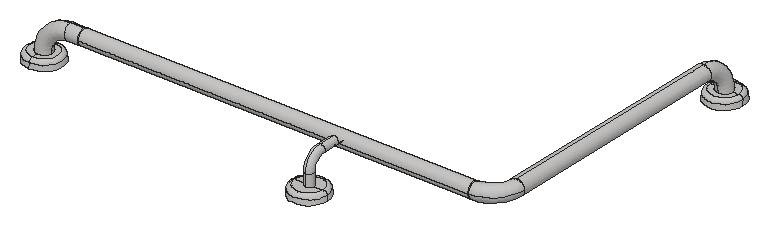
Revit family "8479465440 virtu comfort grab rail 960x600mm LH 90 vertical", category Plumbing Fixtures, host Face, Revit 2015
Parameters (values of type "Virtu Comfort Grab Rail 960x600mm LH 90° Vertical")
  Waste Connection = no
  Vent Connection = no
  URL = "https://www.caroma.com.au/"
  Rail_Height = 73 mm
  Model = "8479465440"
  Material_Base = GWA_Metal-Stainless
  Manufacturer = "GWA Bathrooms & Kitchens"  # constant formula
  HW Connection = no
  Description = "Virtu Comfort Grab Rail 960x600mm LH 90° Vertical"
  Default Elevation = 0 mm
  CreatedBy_ANZRS = "GWA Bathrooms & Kitchens"  # constant formula
  CW Connection = no
  Assembly Code = "C1030200"
Reference planes
  plane 1 "Center (Front/Back)": y = 0
  plane 2: z = 0
  plane 3 "Center (Left/Right)": x = 0
  plane 4 "Left": x = 0
  plane 5 "Rail_Centre": z = 73
  plane 6 "Top": y = 600
  plane 7: x = -335
  plane 8: x = -960
Forms (mm)
  Revolve 1, solid, material "GWA_Metal-Stainless" <- "Material_Base"
    sketch origin (0, 600, 0) x (1, 0, 0) y (0, 0, 1)
      loop
        line (17, 16.9) -> (29.753, 16.9)
        arc (29.753, 16.9) -> (34.704, 15) -> (37.112, 10.275) r 7.4
        line (37.112, 10.275) -> (38.194, 0) -> (39.3, 0) -> (38.206, 10.39)
        arc (38.206, 10.39) -> (35.44, 15.817) -> (29.753, 18) r 8.5
        line (29.753, 18) -> (17, 18) -> (17, 16.9)
      axis (0, 18) -> (0, 0)
    angle from 0 to 360
  Sweep 2, solid, material "GWA_Metal-Stainless" <- "Material_Base"
    path origin (0, -900, 0) x (0, -1, 0) y (0, 0, 1)
      loop
        line (-1500, 0) -> (-1500, 17)
        arc (-1500, 17) -> (-1483.598, 56.598) -> (-1444, 73) r 56
        line (-1444, 73) -> (-950, 73)
    profile origin (0, 600, 8.5) x (0, 1, 0) y (-1, 0, 0)
      loop
        circle (0, 0) r 16
  Revolve 3, solid, material "GWA_Metal-Stainless" <- "Material_Base"
    sketch origin (-300, -80, 0) x (-1, 0, 0) y (0, 0, -1)
      loop
        line (35, -16.9) -> (5.247, -16.9)
        arc (5.247, -16.9) -> (0.296, -15) -> (-2.112, -10.275) r 7.4
        line (-2.112, -10.275) -> (-3.194, 0) -> (-4.3, 0) -> (-3.206, -10.39)
        arc (-3.206, -10.39) -> (-0.44, -15.817) -> (5.247, -18) r 8.5
        line (5.247, -18) -> (35, -18) -> (35, -16.9)
      axis (35, -18) -> (35, 0)
    angle from 0 to 360
  Sweep 4, solid, material "GWA_Metal-Stainless" <- "Material_Base"
    path origin (-335, 0, 0) x (0, 1, 0) y (0, 0, 1)
      loop
        line (-80, 0) -> (-80, 43)
        arc (-80, 43) -> (-71.213, 64.213) -> (-50, 73) r 30
        line (-50, 73) -> (0, 73)
    profile origin (-335, -80, 21.5) x (0, 1, 0) y (-1, 0, 0)
      loop
        circle (0, 0) r 9
  Extrusion 5, solid, material "GWA_Metal-Stainless" <- "Material_Base"
    sketch origin (0, 0, 0) x (0, 1, 0) y (0, 0, -1)
      loop
        circle (0, -73) r 16
    from 50 to 876
  Sweep 6, solid, material "GWA_Metal-Stainless" <- "Material_Base"
    path origin (0, 0, 73) x (1, 0, 0) y (0, 1, 0)
      loop
        arc (0, 50) -> (-14.645, 14.645) -> (-50, 0) r 50
    profile origin (-14.645, 14.645, 73) x (0.707107, -0.707107, 0) y (0, 0, 1)
      loop
        circle (0, 0) r 16
  Revolve 7, solid, material "GWA_Metal-Stainless" <- "Material_Base"
    sketch origin (-960, 60, 0) x (0, 1, 0) y (0, 0, 1)
      loop
        line (-43, 16.9) -> (-30.247, 16.9)
        arc (-30.247, 16.9) -> (-25.296, 15) -> (-22.888, 10.275) r 7.4
        line (-22.888, 10.275) -> (-21.806, 0) -> (-20.7, 0) -> (-21.794, 10.39)
        arc (-21.794, 10.39) -> (-24.56, 15.817) -> (-30.247, 18) r 8.5
        line (-30.247, 18) -> (-43, 18) -> (-43, 16.9)
      axis (-60, 18) -> (-60, 0)
    angle from 0 to 360
  Sweep 8, solid, material "GWA_Metal-Stainless" <- "Material_Base"
    path origin (0, 0, 0) x (1, 0, 0) y (0, 0, 1)
      loop
        line (-960, 0) -> (-960, 17)
        arc (-960, 17) -> (-943.598, 56.598) -> (-904, 73) r 56
        line (-904, 73) -> (-876, 73)
    profile origin (-960, 0, 8.5) x (-1, 0, 0) y (0, -1, 0)
      loop
        circle (0, 0) r 16
Lines and regions (mm)
  Masking region 1
    outline origin (0, 0, 0) x (0, 1, 0) y (0, 0, 1)
      loop
        arc (0, 89) -> (-7.483, 87.142) -> (-13.229, 82) r 16
        line (-13.229, 82) -> (-50, 82)
        arc (-50, 82) -> (-77.577, 70.577) -> (-89, 43) r 39
        line (-89, 43) -> (-89, 18) -> (-109.755, 18)
        arc (-109.755, 18) -> (-115.442, 15.817) -> (-118.208, 10.388) r 8.5
        line (-118.208, 10.388) -> (-119.3, 0) -> (-40.7, 0) -> (-41.792, 10.388)
        arc (-41.792, 10.388) -> (-44.558, 15.817) -> (-50.245, 18) r 8.5
        line (-50.245, 18) -> (-71, 18) -> (-71, 43)
        arc (-71, 43) -> (-64.849, 57.849) -> (-50, 64) r 21
        line (-50, 64) -> (-16, 64) -> (-16, 18) -> (-29.755, 18)
        arc (-29.755, 18) -> (-35.442, 15.817) -> (-38.208, 10.388) r 8.5
        line (-38.208, 10.388) -> (-39.3, 0) -> (39.3, 0) -> (38.208, 10.388)
        arc (38.208, 10.388) -> (35.442, 15.817) -> (29.755, 18) r 8.5
        line (29.755, 18) -> (16, 18) -> (16, 57) -> (544, 57)
        arc (544, 57) -> (571.928, 45.636) -> (583.987, 18) r 40
        line (583.987, 18) -> (570.245, 18)
        arc (570.245, 18) -> (564.558, 15.817) -> (561.792, 10.388) r 8.5
        line (561.792, 10.388) -> (560.7, 0) -> (639.3, 0) -> (638.208, 10.388)
        arc (638.208, 10.388) -> (635.442, 15.817) -> (629.755, 18) r 8.5
        line (629.755, 18) -> (615.993, 18)
        arc (615.993, 18) -> (594.557, 68.264) -> (544, 89) r 72
        line (544, 89) -> (0, 89)
  Masking region 2
    outline origin (0, 0, 73) x (1, 0, 0) y (0, 1, 0)
      loop
        line (-16, 564.104) -> (-16, 50)
        arc (-16, 50) -> (-25.958, 25.958) -> (-50, 16) r 34
        line (-50, 16) -> (-924.104, 16)
        arc (-924.104, 16) -> (-968.179, 38.439) -> (-999.3, 0) r 39.3
        arc (-999.3, 0) -> (-968.179, -38.439) -> (-924.104, -16) r 39.3
        line (-924.104, -16) -> (-344, -16) -> (-344, -41.744)
        arc (-344, -41.744) -> (-335, -119.3) -> (-326, -41.744) r 39.3
        line (-326, -41.744) -> (-326, -16) -> (-50, -16)
        arc (-50, -16) -> (-3.331, 3.331) -> (16, 50) r 66
        line (16, 50) -> (16, 564.104)
        arc (16, 564.104) -> (0, 639.3) -> (-16, 564.104) r 39.3
  Masking region 3
    outline origin (0, 0, 0) x (-1, 0, 0) y (0, 0, 1)
      loop
        line (16, 57) -> (326, 57) -> (326, 18) -> (305.245, 18)
        arc (305.245, 18) -> (299.558, 15.817) -> (296.792, 10.388) r 8.5
        line (296.792, 10.388) -> (295.7, 0) -> (374.3, 0) -> (373.208, 10.388)
        arc (373.208, 10.388) -> (370.442, 15.817) -> (364.755, 18) r 8.5
        line (364.755, 18) -> (344, 18) -> (344, 57) -> (904, 57)
        arc (904, 57) -> (931.928, 45.636) -> (943.987, 18) r 40
        line (943.987, 18) -> (930.245, 18)
        arc (930.245, 18) -> (924.558, 15.817) -> (921.792, 10.388) r 8.5
        line (921.792, 10.388) -> (920.7, 0) -> (999.3, 0) -> (998.208, 10.388)
        arc (998.208, 10.388) -> (995.442, 15.817) -> (989.755, 18) r 8.5
        line (989.755, 18) -> (975.993, 18)
        arc (975.993, 18) -> (954.557, 68.264) -> (904, 89) r 72
        line (904, 89) -> (0, 89)
        arc (0, 89) -> (-11.314, 84.314) -> (-16, 73) r 16
        line (-16, 73) -> (-16, 18) -> (-29.755, 18)
        arc (-29.755, 18) -> (-35.442, 15.817) -> (-38.208, 10.388) r 8.5
        line (-38.208, 10.388) -> (-39.3, 0) -> (39.3, 0) -> (38.208, 10.388)
        arc (38.208, 10.388) -> (35.442, 15.817) -> (29.755, 18) r 8.5
        line (29.755, 18) -> (16, 18) -> (16, 57)
  symbolic lines
    curve 1: arc (0, 617, 40) -> (13.92, 609.758, 40) -> (15.981, 594.203, 40) r 17
    curve 2: arc (-15.981, 594.203, 40) -> (-13.92, 609.758, 40) -> (0, 617, 40) r 17
    curve 3: arc (-16, 600, 40) -> (0, 616, 40) -> (16, 600, 40) r 16
    curve 4: arc (15.981, 594.203, 40) -> (0, 617, 40) -> (-15.981, 594.203, 40) r 17
    curve 5: line (16, 600, 40) -> (16, 564.104, 40)
    curve 6: line (-16, 600, 40) -> (-16, 564.104, 40)
    curve 7: line (0, 584.007, 18) -> (0, 616.013, 18)
    curve 8: line (-15.993, 0, 18) -> (16.013, 0, 18)
    curve 9: line (-16, 600, 73) -> (-16, 564.104, 73)
    curve 10: line (16, 600, 73) -> (16, 564.104, 73)
    curve 11: line (0, -71, 18) -> (0, -89, 18)
    curve 12: line (0, 35.896, 89) -> (0, 0, 89)
    curve 13: arc (0, 0, 89) -> (0, -16, 73) -> (0, 0, 57) r 16
    curve 14: line (0, 0, 57) -> (0, 35.896, 57)
    curve 15: line (0, -38.256, 82) -> (0, -13.229, 82)
    curve 16: line (0, -38.256, 64) -> (0, -13.229, 64)
    curve 17: line (-326, -41.744, 73) -> (-326, -80, 73)
    curve 18: arc (-326, -80, 73) -> (-335, -89, 73) -> (-344, -80, 73) r 9
    curve 19: line (-344, -80, 73) -> (-344, -41.744, 73)
    curve 20: line (-326, -16, 73) -> (-344, -16, 73)
    curve 21: line (-318.987, 0, 18) -> (-350.993, 0, 18)
    curve 22: line (-344, 0, 57) -> (-326, 0, 57)
    curve 23: line (-16, 0, 57) -> (-16, 0, 73)
    curve 24: arc (-16, 0, 73) -> (-11.314, 0, 84.314) -> (0, 0, 89) r 16
    curve 25: arc (-977, 0, 40) -> (-969.781, 13.904, 40) -> (-954.255, 16, 40) r 17
    curve 26: arc (-954.255, -16, 40) -> (-969.781, -13.904, 40) -> (-977, 0, 40) r 17
    curve 27: arc (-960, -16, 40) -> (-976, 0, 40) -> (-960, 16, 40) r 16
    curve 28: arc (-954.255, 16, 40) -> (-977, 0, 40) -> (-954.255, -16, 40) r 17
    curve 29: line (-924.104, 16, 73) -> (-960, 16, 73)
    curve 30: line (-924.104, -16, 73) -> (-960, -16, 73)
    curve 31: line (0, -16, 18) -> (0, 16, 18)
    curve 32: line (-943.987, 0, 18) -> (-975.993, 0, 18)
Dimensions and locks
  "Rail_Height": plane 5 "Rail_Centre" to host face
  aligned and locked: plane 2 to host face
  aligned and locked: level to host face
Automatic sketch dimensions
  host sketch curve to host sketch curve = 2438.4 mm  (x2)
  Revolve 1 sketch curve to Revolve 1 sketch curve = 0 mm  (x2)
  Revolve 1 sketch curve to plane 3 "Center (Left/Right)" = 0 mm
  Revolve 1 sketch curve to level = 0 mm
  plane 3 "Center (Left/Right)" to Revolve 1 sketch curve = 17 mm
  Revolve 1 sketch curve to Revolve 1 sketch curve = 12.753 mm
  level to Revolve 1 sketch curve = 10.275 mm
  Revolve 1 sketch curve to Revolve 1 sketch curve = 7.359 mm
  Revolve 1 sketch curve to Revolve 1 sketch curve = 1.082 mm
  level to Revolve 1 sketch curve = 10.39 mm
  Revolve 1 sketch curve to Revolve 1 sketch curve = 1.094 mm
  Revolve 1 sketch curve to Revolve 1 sketch curve = 1.106 mm
  Revolve 1 sketch curve to Revolve 1 sketch curve = 0.775 mm
  level to Revolve 1 sketch curve = 7.862 mm
  Revolve 1 sketch curve to Revolve 1 sketch curve = 12.173 mm
  Sweep 2 sketch curve to plane 6 "Top" = 0 mm
  Sweep 2 sketch curve to plane 5 "Rail_Centre" = 0 mm
  Sweep 2 sketch curve to level = 0 mm
  level to Sweep 2 sketch curve = 17 mm
  Sweep 2 sketch curve to plane 1 "Center (Front/Back)" = 50 mm
  profile plane to Sweep 2 sketch curve = 0 mm
  Sweep 2 sketch curve to profile plane = 0 mm
  Revolve 3 sketch curve to Revolve 3 sketch curve = 0 mm  (x2)
  Revolve 3 sketch curve to level = 0 mm
  plane 7 to Revolve 3 sketch curve = 0 mm  (x2)
  level to Revolve 3 sketch curve = 9.5 mm
  Revolve 3 sketch curve to plane 7 = 29.753 mm
  level to Revolve 3 sketch curve = 10.275 mm
  Revolve 3 sketch curve to Revolve 3 sketch curve = 7.359 mm
  Revolve 3 sketch curve to Revolve 3 sketch curve = 1.082 mm
  level to Revolve 3 sketch curve = 10.39 mm
  Revolve 3 sketch curve to Revolve 3 sketch curve = 1.094 mm
  Revolve 3 sketch curve to Revolve 3 sketch curve = 1.106 mm
  Revolve 3 sketch curve to Revolve 3 sketch curve = 2.036 mm
  level to Revolve 3 sketch curve = 7.862 mm
  Sweep 4 sketch curve to level = 0 mm
  Sweep 4 sketch curve to plane 5 "Rail_Centre" = 0 mm
  Sweep 4 sketch curve to plane 1 "Center (Front/Back)" = 0 mm
  Sweep 4 sketch curve to Sweep 4 sketch curve = 50 mm
  Sweep 4 sketch curve to Sweep 4 sketch curve = 30 mm
  Sweep 4 sketch curve to plane 7 = 0 mm
  profile plane to Sweep 4 sketch curve = 0 mm
  Masking region 2 sketch curve to Masking region 2 sketch curve = 0 mm  (x3)
  Masking region 2 sketch curve to plane 7 = 0 mm
  Masking region 2 sketch curve to plane 3 "Center (Left/Right)" = 0 mm
  Masking region 2 sketch curve to plane 6 "Top" = 0 mm
  plane 7 to Masking region 2 sketch curve = 9 mm
  Masking region 2 sketch curve to plane 7 = 9 mm
  Masking region 2 sketch curve to plane 3 "Center (Left/Right)" = 16 mm
  plane 3 "Center (Left/Right)" to Masking region 2 sketch curve = 16 mm
  Masking region 2 sketch curve to plane 6 "Top" = 35.896 mm
  Masking region 2 sketch curve to plane 1 "Center (Front/Back)" = 50 mm
  plane 1 "Center (Front/Back)" to Masking region 2 sketch curve = 16 mm
  Masking region 2 sketch curve to Masking region 2 sketch curve = 25.744 mm
  Masking region 2 sketch curve to Masking region 2 sketch curve = 38.256 mm
  Extrusion 5 sketch curve to plane 1 "Center (Front/Back)" = 0 mm
  Extrusion 5 sketch curve to plane 5 "Rail_Centre" = 0 mm
  plane 1 "Center (Front/Back)" to Sweep 6 sketch curve = 0 mm
  Sweep 6 sketch curve to plane 3 "Center (Left/Right)" = 0 mm
  Sweep 6 sketch curve to Sweep 6 sketch curve = 50 mm
  Sweep 6 sketch curve to profile plane = 0 mm  (x2)
  Masking region 2 sketch curve to plane 8 = 35.896 mm  (x2)
  plane 1 "Center (Front/Back)" to Masking region 2 sketch curve = 0 mm
  Masking region 2 sketch curve to plane 8 = 0 mm
  plane 8 to Sweep 8 sketch curve = 0 mm
  Sweep 8 sketch curve to plane 5 "Rail_Centre" = 0 mm
  Sweep 8 sketch curve to level = 0 mm
  level to Sweep 8 sketch curve = 17 mm
  Sweep 8 sketch curve to Sweep 8 sketch curve = 28 mm
  plane 1 "Center (Front/Back)" to Sweep 8 sketch curve = 0 mm
  Sweep 8 sketch curve to profile plane = 0 mm
  curve 1 to curve 2 = 0 mm  (x2)
  curve 1 to curve 3 = 0 mm  (x2)
  curve 1 to curve 4 = 0 mm  (x2)
  curve 2 to curve 3 = 0 mm  (x2)
  curve 2 to curve 4 = 0 mm  (x2)
  curve 3 to curve 4 = 0 mm  (x2)
  curve 25 to curve 26 = 0 mm  (x2)
  curve 25 to curve 27 = 0 mm  (x2)
  curve 25 to curve 28 = 0 mm  (x3)
  curve 26 to curve 27 = 0 mm  (x2)
  curve 26 to curve 28 = 0 mm  (x2)
  curve 27 to curve 28 = 0 mm  (x3)
  curve 3 to plane 6 "Top" = 0 mm
  curve 3 to plane 3 "Center (Left/Right)" = 0 mm
  plane 1 "Center (Front/Back)" to curve 26 = 0 mm
  curve 26 to plane 8 = 0 mm
  plane 3 "Center (Left/Right)" to curve 5 = 16 mm
  curve 5 to curve 1 = 0.019 mm
  curve 2 to curve 3 = 0.019 mm
  curve 28 to curve 27 = 5.745 mm
  curve 26 to plane 8 = 5.745 mm
  curve 28 to curve 26 = 0 mm
  plane 8 to curve 25 = 17 mm
  plane 6 "Top" to curve 2 = 17 mm
  curve 2 to curve 6 = 30.098 mm
  curve 1 to curve 5 = 30.098 mm
  curve 28 to curve 25 = 0 mm
  Revolve 7 sketch curve to Revolve 7 sketch curve = 0 mm  (x2)
  Revolve 7 sketch curve to plane 1 "Center (Front/Back)" = 0 mm
  Revolve 7 sketch curve to level = 0 mm
  Revolve 7 sketch curve to plane 1 "Center (Front/Back)" = 17 mm
  Revolve 7 sketch curve to Revolve 7 sketch curve = 12.753 mm
  level to Revolve 7 sketch curve = 10.275 mm
  Revolve 7 sketch curve to Revolve 7 sketch curve = 7.359 mm
  Revolve 7 sketch curve to Revolve 7 sketch curve = 1.082 mm
  level to Revolve 7 sketch curve = 10.39 mm
  Revolve 7 sketch curve to Revolve 7 sketch curve = 1.094 mm
  Revolve 7 sketch curve to Revolve 7 sketch curve = 1.106 mm
  Revolve 7 sketch curve to Revolve 7 sketch curve = 0.775 mm
  level to Revolve 7 sketch curve = 7.862 mm
  Revolve 7 sketch curve to Revolve 7 sketch curve = 12.173 mm
  curve 10 to plane 6 "Top" = 0 mm
  curve 9 to plane 6 "Top" = 0 mm
  curve 18 to plane 7 = 0 mm
  curve 30 to plane 8 = 0 mm
  curve 29 to plane 8 = 0 mm
  curve 17 to curve 18 = 9 mm
  plane 1 "Center (Front/Back)" to curve 18 = 80 mm
  curve 20 to plane 7 = 9 mm
  curve 9 to plane 3 "Center (Left/Right)" = 16 mm
  plane 3 "Center (Left/Right)" to curve 10 = 16 mm
  plane 7 to curve 20 = 9 mm
  plane 1 "Center (Front/Back)" to curve 30 = 16 mm
  curve 30 to curve 30 = 35.896 mm
  curve 29 to curve 30 = 0 mm
  curve 10 to curve 10 = 35.896 mm
  curve 9 to curve 10 = 0 mm
  curve 29 to plane 1 "Center (Front/Back)" = 16 mm
  plane 1 "Center (Front/Back)" to curve 20 = 16 mm
  curve 20 to curve 17 = 25.744 mm
  curve 19 to curve 17 = 0 mm
  Masking region 1 sketch curve to Masking region 1 sketch curve = 0 mm  (x4)
  Masking region 1 sketch curve to level = 0 mm  (x3)
  Masking region 1 sketch curve to plane 5 "Rail_Centre" = 0 mm
  plane 1 "Center (Front/Back)" to Masking region 1 sketch curve = 16 mm
  Masking region 1 sketch curve to Masking region 1 sketch curve = 13.755 mm  (x2)
  level to Masking region 1 sketch curve = 10.388 mm  (x6)
  Masking region 1 sketch curve to Masking region 1 sketch curve = 8.453 mm  (x6)
  Masking region 1 sketch curve to Masking region 1 sketch curve = 1.092 mm  (x5)
  Masking region 1 sketch curve to Masking region 1 sketch curve = 1.4 mm
  Masking region 1 sketch curve to Masking region 1 sketch curve = 3.584 mm
  Masking region 1 sketch curve to Masking region 1 sketch curve = 20.245 mm
  Masking region 1 sketch curve to Masking region 1 sketch curve = 20.755 mm  (x2)
  Masking region 1 sketch curve to Masking region 1 sketch curve = 18 mm
  Masking region 1 sketch curve to plane 1 "Center (Front/Back)" = 16 mm
  plane 5 "Rail_Centre" to Masking region 1 sketch curve = 16 mm
  Masking region 1 sketch curve to Masking region 1 sketch curve = 16.7 mm
  Masking region 1 sketch curve to Masking region 1 sketch curve = 13.742 mm
  plane 6 "Top" to Masking region 1 sketch curve = 15.993 mm
  level to Masking region 1 sketch curve = 9.5 mm
  Masking region 1 sketch curve to Masking region 1 sketch curve = 13.762 mm
  Masking region 1 sketch curve to Masking region 1 sketch curve = 0.888 mm  (x5)
  Masking region 1 sketch curve to Masking region 1 sketch curve = 25 mm  (x2)
  Masking region 1 sketch curve to plane 1 "Center (Front/Back)" = 0 mm
  curve 13 to plane 1 "Center (Front/Back)" = 0 mm
  curve 13 to plane 5 "Rail_Centre" = 0 mm
  curve 14 to plane 5 "Rail_Centre" = 16 mm
  curve 16 to plane 5 "Rail_Centre" = 9 mm
  plane 5 "Rail_Centre" to curve 15 = 9 mm
  plane 1 "Center (Front/Back)" to curve 31 = 16 mm
  curve 16 to curve 16 = 25.027 mm
  curve 15 to curve 16 = 0 mm
  level to curve 11 = 18 mm
  curve 11 to curve 31 = 55 mm
  curve 11 to curve 11 = 18 mm
  curve 31 to plane 1 "Center (Front/Back)" = 16 mm
  curve 13 to curve 12 = 35.896 mm
  curve 14 to curve 12 = 0 mm
  curve 7 to plane 6 "Top" = 15.993 mm
  plane 6 "Top" to curve 7 = 16.013 mm
  level to curve 31 = 18 mm
  level to curve 7 = 18 mm
  Masking region 3 sketch curve to Masking region 3 sketch curve = 0 mm  (x4)
  Masking region 3 sketch curve to level = 0 mm  (x3)
  Masking region 3 sketch curve to plane 5 "Rail_Centre" = 0 mm
  Masking region 3 sketch curve to plane 3 "Center (Left/Right)" = 0 mm
  plane 3 "Center (Left/Right)" to Masking region 3 sketch curve = 16 mm
  level to Masking region 3 sketch curve = 9.5 mm  (x3)
  Masking region 3 sketch curve to Masking region 3 sketch curve = 13.755 mm  (x2)
  level to Masking region 3 sketch curve = 10.388 mm  (x6)
  Masking region 3 sketch curve to Masking region 3 sketch curve = 8.453 mm  (x6)
  Masking region 3 sketch curve to Masking region 3 sketch curve = 1.092 mm  (x6)
  Masking region 3 sketch curve to plane 3 "Center (Left/Right)" = 16 mm
  Masking region 3 sketch curve to plane 7 = 39.3 mm
  Masking region 3 sketch curve to plane 7 = 9 mm
  plane 7 to Masking region 3 sketch curve = 9 mm
  Masking region 3 sketch curve to Masking region 3 sketch curve = 20.755 mm
  Masking region 3 sketch curve to Masking region 3 sketch curve = 16.7 mm
  plane 8 to Masking region 3 sketch curve = 29.755 mm
  Masking region 3 sketch curve to Masking region 3 sketch curve = 0.888 mm  (x3)
  Masking region 3 sketch curve to plane 5 "Rail_Centre" = 16 mm
  plane 8 to Masking region 3 sketch curve = 15.993 mm
  Masking region 3 sketch curve to plane 8 = 56 mm
  Masking region 3 sketch curve to Masking region 3 sketch curve = 13.742 mm
  curve 23 to plane 5 "Rail_Centre" = 0 mm
  curve 24 to plane 3 "Center (Left/Right)" = 0 mm
  curve 23 to curve 24 = 16 mm
  curve 8 to plane 3 "Center (Left/Right)" = 15.993 mm
  curve 21 to plane 7 = 16.013 mm
  curve 22 to plane 7 = 9 mm
  plane 7 to curve 22 = 9 mm
  plane 7 to curve 21 = 15.993 mm
  curve 32 to plane 8 = 16.013 mm
  plane 8 to curve 32 = 15.993 mm
  plane 3 "Center (Left/Right)" to curve 8 = 16.013 mm
  curve 22 to plane 5 "Rail_Centre" = 16 mm
  curve 23 to curve 23 = 16 mm
  level to curve 32 = 18 mm
  level to curve 21 = 18 mm
  level to curve 8 = 18 mm
  radius of Sweep 2 sketch curve = 16 mm
  radius of Sweep 4 sketch curve = 9 mm
  radius of Extrusion 5 sketch curve = 16 mm
  radius of Sweep 6 sketch curve = 16 mm
  radius of Sweep 8 sketch curve = 16 mm
